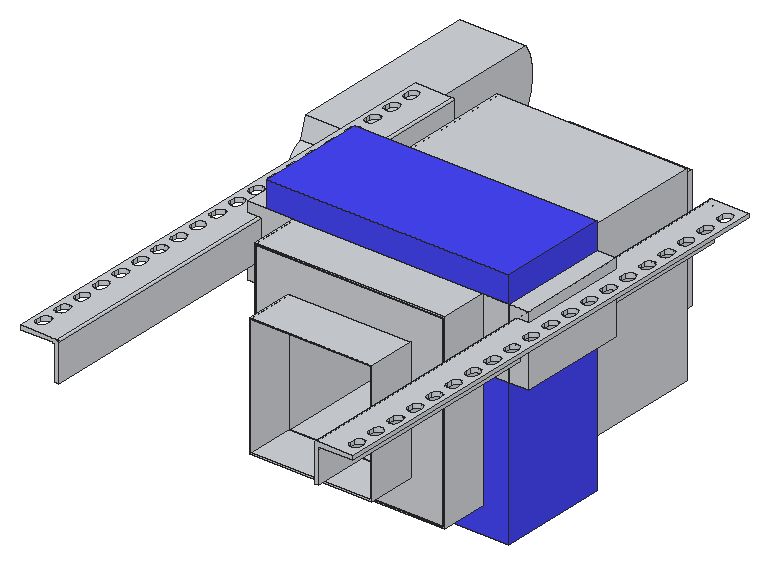
Revit family "D2530 BIM001 D - Rectangular Horizontal Blades Actuator Horizontal AFS", category Duct Accessories, Revit 2020 (continued)
Dimensions and locks
  aligned and locked: plane 28 to cut or joined group 1 (Extrusion 6, Extrusion 28, Extrusion 29, Extrusion 30, Extrusion 31, Extrusion 32, Extrusion 33, Extrusion 34, Extrusion 35, Extrusion 36, Extrusion 37, Extrusion 38, Extrusion 39, Extrusion 40, Extrusion 41, Extrusion 42, Extrusion 43, Extrusion 44, Extrusion 45, Extrusion 46, Extrusion 47)
  aligned and locked: plane 29 to cut or joined group 1
  aligned and locked: plane 30 to cut or joined group 1
  aligned and locked: plane 31 to cut or joined group 1
  aligned and locked: plane 32 to cut or joined group 1
  aligned and locked: plane 33 to cut or joined group 1
  aligned and locked: plane 34 to cut or joined group 1
  aligned and locked: plane 35 to cut or joined group 1
  aligned and locked: plane 36 to cut or joined group 1
  aligned and locked: plane 37 to cut or joined group 1
  aligned and locked: plane 38 to cut or joined group 1
  aligned and locked: plane 39 to cut or joined group 1
  aligned and locked: plane 40 to cut or joined group 1
  aligned and locked: plane 41 to cut or joined group 1
  aligned and locked: plane 42 to cut or joined group 1
  aligned and locked: plane 43 to cut or joined group 1
  aligned and locked: plane 44 to cut or joined group 1
  aligned and locked: plane 45 to cut or joined group 1
  aligned and locked: Extrusion 6 to Extrusion 47  (x2)
  aligned and locked: Extrusion 6 to Extrusion 46  (x2)
  aligned and locked: Extrusion 6 to Extrusion 45  (x2)
  aligned and locked: Extrusion 6 to Extrusion 44  (x2)
  aligned and locked: Extrusion 6 to Extrusion 43  (x2)
  aligned and locked: Extrusion 6 to Extrusion 42  (x2)
  aligned and locked: Extrusion 6 to Extrusion 41  (x2)
  aligned and locked: Extrusion 6 to Extrusion 40  (x2)
  aligned and locked: Extrusion 6 to Extrusion 39  (x2)
  aligned and locked: Extrusion 6 to Extrusion 38  (x2)
  aligned and locked: Extrusion 6 to Extrusion 37  (x2)
  aligned and locked: cut or joined group 1 to Extrusion 30  (x2)
  aligned and locked: cut or joined group 1 to Extrusion 29  (x2)
  aligned and locked: Extrusion 6 to Extrusion 36  (x2)
  aligned and locked: Extrusion 6 to Extrusion 35  (x2)
  aligned and locked: cut or joined group 1 to Extrusion 28  (x2)
  aligned and locked: Extrusion 6 to Extrusion 34  (x2)
  aligned and locked: Extrusion 6 to Extrusion 33  (x2)
  aligned and locked: Extrusion 6 to Extrusion 32  (x2)
  aligned and locked: Extrusion 6 to Extrusion 31  (x2)
  aligned and locked: Extrusion 7 to Extrusion 27  (x2)
  aligned and locked: Extrusion 7 to Extrusion 26  (x2)
  aligned and locked: Extrusion 7 to Extrusion 25  (x2)
  aligned and locked: Extrusion 7 to Extrusion 24  (x2)
  aligned and locked: Extrusion 7 to Extrusion 23  (x2)
  aligned and locked: Extrusion 7 to Extrusion 22  (x2)
  aligned and locked: Extrusion 7 to Extrusion 21  (x2)
  aligned and locked: Extrusion 7 to Extrusion 20  (x2)
  aligned and locked: Extrusion 7 to Extrusion 19  (x2)
  aligned and locked: Extrusion 7 to Extrusion 18  (x2)
  aligned and locked: Extrusion 7 to Extrusion 17  (x2)
  aligned and locked: Extrusion 7 to Extrusion 16  (x2)
  aligned and locked: Extrusion 7 to Extrusion 15  (x2)
  aligned and locked: Extrusion 7 to Extrusion 14  (x2)
  aligned and locked: Extrusion 7 to Extrusion 13  (x2)
  aligned and locked: Extrusion 7 to Extrusion 12  (x2)
  aligned and locked: Extrusion 7 to Extrusion 11  (x2)
  aligned and locked: Extrusion 7 to Extrusion 10  (x2)
  aligned and locked: Extrusion 7 to Extrusion 9  (x2)
  aligned and locked: Extrusion 7 to Extrusion 8  (x2)
  aligned and locked: plane 46 to Extrusion 48 sketch curve
  aligned and locked: plane 47 to Extrusion 48 sketch curve
  aligned and locked: plane 48 to Extrusion 48 sketch curve
  aligned and locked: Extrusion 48 sketch curve to plane 49
  aligned and locked: Extrusion 1 to Extrusion 48  (x2)
  aligned and locked: cut or joined group of Extrusion 49, Extrusion 50 to Extrusion 50  (x2)
  aligned and locked: plane 50 to Extrusion 49 sketch curve
  aligned and locked: plane 51 to Extrusion 49 sketch curve
  aligned and locked: plane 52 to Extrusion 49 sketch curve
  aligned and locked: plane 53 to Extrusion 49 sketch curve
Automatic sketch dimensions
  plane 4 to Extrusion 1 sketch curve = 0 mm
  plane 5 to Extrusion 1 sketch curve = 0 mm
  Extrusion 1 sketch curve to level = 98 mm
  level to Extrusion 1 sketch curve = 97 mm
  plane 4 to Extrusion 2 sketch curve = 0 mm
  level to Extrusion 2 sketch curve = 25 mm
  plane 5 to Extrusion 3 sketch curve = 0 mm
  level to Extrusion 3 sketch curve = 25 mm
  plane 4 to Extrusion 4 sketch curve = 27 mm
  Extrusion 4 sketch curve to plane 5 = 27 mm
  Extrusion 4 sketch curve to Extrusion 4 sketch curve = 27 mm  (x2)
  plane 4 to Extrusion 6 sketch curve = 73.956 mm
  Extrusion 6 sketch curve to Extrusion 6 sketch curve = 2.613 mm
  Extrusion 6 sketch curve to Extrusion 6 sketch curve = 2.199 mm
  Extrusion 6 sketch curve to Extrusion 6 sketch curve = 0.161 mm
  level to Extrusion 6 sketch curve = 48.042 mm
  plane 5 to Extrusion 7 sketch curve = 73.956 mm
  Extrusion 7 sketch curve to Extrusion 7 sketch curve = 2.613 mm
  Extrusion 7 sketch curve to Extrusion 7 sketch curve = 2.199 mm
  Extrusion 7 sketch curve to Extrusion 7 sketch curve = 0.161 mm
  Extrusion 7 sketch curve to level = 48.042 mm
  Extrusion 9 sketch curve to plane 7 = 0 mm
  Extrusion 10 sketch curve to plane 8 = 0 mm
  Extrusion 11 sketch curve to plane 9 = 0 mm
  Extrusion 12 sketch curve to plane 10 = 0 mm
  Extrusion 13 sketch curve to plane 11 = 0 mm
  Extrusion 14 sketch curve to plane 12 = 0 mm
  Extrusion 15 sketch curve to plane 13 = 0 mm
  Extrusion 16 sketch curve to plane 14 = 0 mm
  Extrusion 17 sketch curve to plane 15 = 0 mm
  Extrusion 18 sketch curve to plane 16 = 0 mm
  Extrusion 19 sketch curve to plane 17 = 0 mm
  Extrusion 20 sketch curve to plane 18 = 0 mm
  Extrusion 21 sketch curve to plane 19 = 0 mm
  Extrusion 22 sketch curve to plane 20 = 0 mm
  Extrusion 23 sketch curve to plane 21 = 0 mm
  Extrusion 24 sketch curve to plane 22 = 0 mm
  Extrusion 25 sketch curve to plane 23 = 0 mm
  Extrusion 26 sketch curve to plane 24 = 0 mm
  Extrusion 27 sketch curve to plane 25 = 0 mm
  Extrusion 29 sketch curve to plane 7 = 0 mm
  Extrusion 30 sketch curve to plane 8 = 0 mm
  Extrusion 31 sketch curve to plane 9 = 0 mm
  Extrusion 32 sketch curve to plane 10 = 0 mm
  Extrusion 33 sketch curve to plane 11 = 0 mm
  Extrusion 34 sketch curve to plane 12 = 0 mm
  Extrusion 35 sketch curve to plane 13 = 0 mm
  Extrusion 36 sketch curve to plane 14 = 0 mm
  Extrusion 37 sketch curve to plane 15 = 0 mm
  Extrusion 38 sketch curve to plane 16 = 0 mm
  Extrusion 39 sketch curve to plane 17 = 0 mm
  Extrusion 40 sketch curve to plane 18 = 0 mm
  Extrusion 41 sketch curve to plane 19 = 0 mm
  Extrusion 42 sketch curve to plane 20 = 0 mm
  Extrusion 43 sketch curve to plane 21 = 0 mm
  Extrusion 44 sketch curve to plane 22 = 0 mm
  Extrusion 45 sketch curve to plane 23 = 0 mm
  Extrusion 46 sketch curve to plane 24 = 0 mm
  Extrusion 47 sketch curve to plane 25 = 0 mm
Nested families
  nested 1: "Extrusion 2" at (-203.153, 100.1, -16) x (1, 0, 0) z (0, -1, 0), type "Extrusion 2"
Connectors
  hvac at (0, -221.311, 0), driven by "Y", driven by "X"
    settings: on Extrusion 1, index 1, duct flow 0.0 L/s, flow factor 0, pres drop 0.0 Pa, loss coef 0, conn angle 0.00°, conn width 196 mm, conn height 196 mm, conn diameter 609.6 mm, duct sys type 1, conn prof type 1, flow config 0, flow direction 0, loss method 0, conn ref index -1, conn util no, is conn primary yes, conn desc ""
  hvac at (0, 91.689, 0), driven by "Y", driven by "X"
    settings: on Extrusion 1, index 2, duct flow 0.0 L/s, flow factor 0, pres drop 0.0 Pa, loss coef 0, conn angle 0.00°, conn width 196 mm, conn height 196 mm, conn diameter 609.6 mm, duct sys type 1, conn prof type 1, flow config 0, flow direction 1, loss method 0, conn ref index -1, conn util no, is conn primary no, conn desc ""
  electrical at (-209, 241.943, 10.066)
    settings: on nested 1, index 3, voltage 0 V, apparent load 0 VA, apparent load phase1 0 VA, apparent load phase2 0 VA, apparent load phase3 0 VA, power factor 1, load classification "Other", number of poles 1, system type 14, power factor state 1, is connector primary yes, connector utility no, sub classification motor no, connector description ""
  hvac at (0, -271.311, 0), driven by "Spigot Y", driven by "Spigot X"
    settings: on cut or joined group of Extrusion 49, Extrusion 50, index 4, duct flow 0.0 L/s, flow factor 0, pres drop 0.0 Pa, loss coef 0, conn angle 0.00°, conn width 126 mm, conn height 126 mm, conn diameter 609.6 mm, duct sys type 1, conn prof type 1, flow config 0, flow direction 2, loss method 0, conn ref index -1, conn util no, is conn primary no, conn desc ""
Definition of nested family "Extrusion 2"
  Parameters (values of type "Extrusion 2")
    Default Elevation = 0 mm
  Reference planes
    plane 1 "Center (Front/Back)": y = 0
    plane 2: z = 0
    plane 3 "Center (Left/Right)": x = 0
  Forms (mm)
    Extrusion 1, solid
      sketch origin (-43.711, 510.413, -621.448) x (0, 0, -1) y (0, 1, 0)
        loop
          line (-698.538, -435.413) -> (-704.915, -455.421)
          arc (-704.915, -455.421) -> (-726.23, -485.056) -> (-718.203, -520.666) r 44.5
          line (-718.203, -520.666) -> (-718.203, -527.498) -> (-721.338, -535.413) -> (-527.638, -535.413)
          arc (-527.638, -535.413) -> (-523.102, -522.557) -> (-520.838, -509.113) r 79.2
          line (-520.838, -509.113) -> (-510.038, -509.113)
          arc (-510.038, -509.113) -> (-491.525, -474.255) -> (-498.538, -435.413) r 60.3
          line (-498.538, -435.413) -> (-698.538, -435.413)
      from 5.864 to 73.711
    Extrusion 2, solid
      sketch origin (0, 0, 0) x (1, 0, 0) y (0, 1, 0)
        loop
          circle (-5.847, 26.066) r 20
      from -141.843 to -106.589
  Dimensions and locks
    locked: Extrusion 1 sketch curve to Extrusion 1 sketch curve at 83.311  (x2)
    locked: Extrusion 1 sketch curve to Extrusion 1 sketch curve at 100
    locked: Extrusion 1 sketch curve to Extrusion 1 sketch curve at 21
    locked: Extrusion 1 sketch curve to Extrusion 1 sketch curve at 15.077
    locked: Extrusion 1 sketch curve to Extrusion 1 sketch curve at 10.8
    locked: Extrusion 1 sketch curve to Extrusion 1 sketch curve at 74.592
    locked: Extrusion 1 sketch curve to Extrusion 1 sketch curve at 77
    locked: Extrusion 1 sketch curve to Extrusion 1 sketch curve at 79.2
    locked: Extrusion 1 sketch curve to Extrusion 1 sketch curve at 134.676
    locked: Extrusion 1 sketch curve to Extrusion 1 sketch curve at 61.613
    locked: Extrusion 1 sketch curve to Extrusion 1 sketch curve at 44.5  (x2)
    locked: Extrusion 1 sketch curve to Extrusion 1 sketch curve at 200
    locked: Extrusion 1 sketch curve to Extrusion 1 sketch curve at 191.69
    locked: Extrusion 1 sketch curve to Extrusion 1 sketch curve at 66.584
    locked: Extrusion 1 sketch curve to Extrusion 1 sketch curve at 27.165
    locked: Extrusion 1 sketch curve to Extrusion 1 sketch curve at 60.3
    locked: Extrusion 1 sketch curve to Extrusion 1 sketch curve at 41.477
    locked: Extrusion 1 sketch curve to Extrusion 1 sketch curve at 32.682
    locked: Extrusion 1 sketch curve to Extrusion 1 sketch curve at 29.545
    locked: Extrusion 1 to Extrusion 2 sketch curve at 48.934
    locked: Extrusion 1 to Extrusion 2 sketch curve at 32
    locked: Extrusion 1 to Extrusion 2 at 203.344
    radius of Extrusion 1 sketch curve = 60.3 mm
    radius of Extrusion 1 sketch curve = 44.5 mm
    radius of Extrusion 1 sketch curve = 79.2 mm
    radius of Extrusion 2 sketch curve = 20 mm
    aligned and locked: level to plane 2
